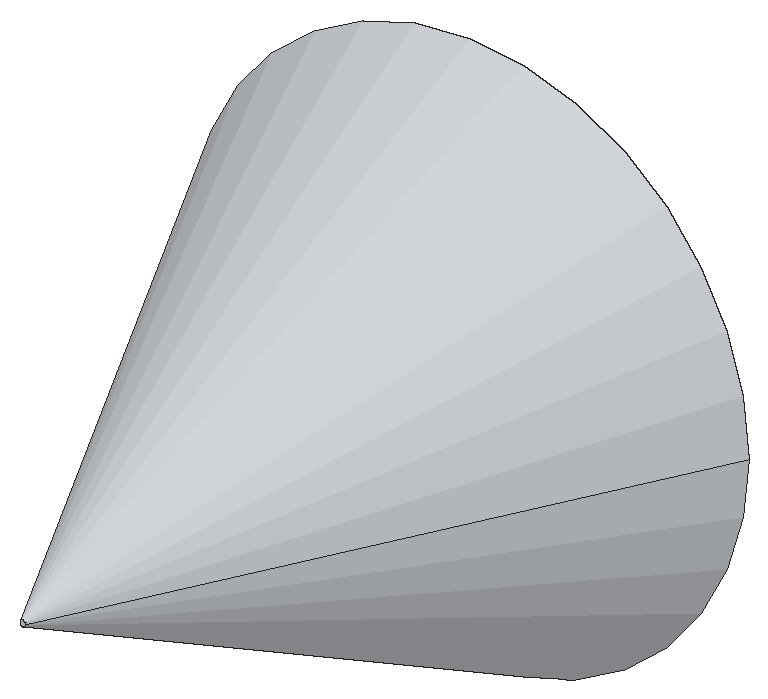
Revit family "コネクタアウト", category 一般モデル, Revit 2021
Family settings
  鉄筋をホスト可能 = いいえ
  丸型コネクタ寸法 = 直径を使用
  パーツ タイプ = 標準
  作業面ベース = いいえ
  常に垂直 = はい
  ロード時にボイドで切り取り = いいえ
  共有 = いいえ
  部屋計算ポイント = いいえ
Parameters
  直径2 = 1 mm
  直径 [instance] = 100 mm
  既定の高さ = 0 mm
Reference planes
  plane 1 "中心(正面/背面)": y = 0
  plane 2: z = 0
  plane 3 "中心(左/右)": x = 0
Forms (mm)
  Blend 1, solid
    base sketch origin (0, 0, 0) x (1, 0, 0) y (0, 0, 1)
      loop
        circle (0, 0) r 50
    top sketch origin (0, 0, 0) x (1, 0, 0) y (0, 0, 1)
      loop
        circle (0, 0) r 0.5
    from 0 to 100
Dimensions and locks
  "直径": diameter of Blend 1 sketch curve
  "直径2": diameter of Blend 1 sketch curve
  aligned and locked: level to plane 2
Automatic sketch dimensions
  Blend 1 sketch curve to level = 0 mm  (x2)
  Blend 1 sketch curve to plane 3 "中心(左/右)" = 0 mm  (x2)
